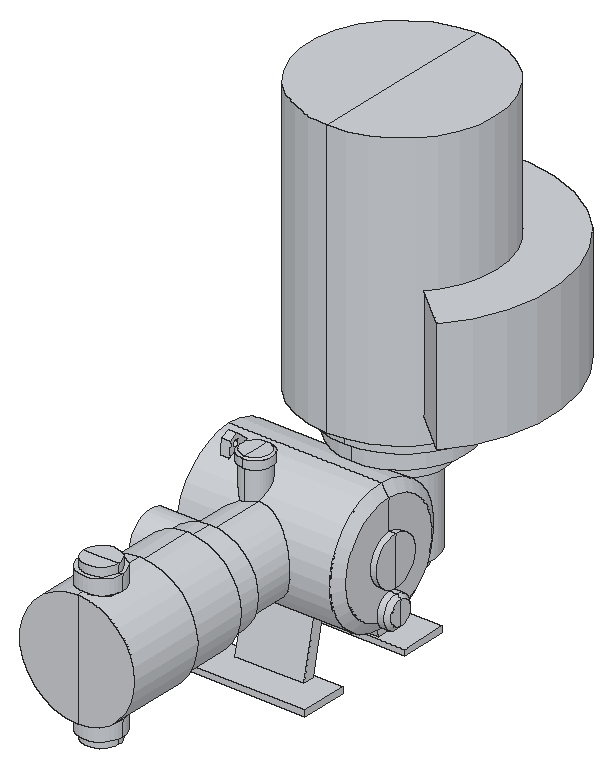
Revit family "Дозатор коагулянта, щелочи-Seko Spring", category Оборудование, Revit 2020
Family settings
  Размер круглого соединителя = Использовать диаметр
  Классификация = Нет
  Тип детали = Нормальный
  На основе рабочей плоскости = Нет
  Всегда вертикально = Да
  При загрузке вырезать с полостями = Нет
  Общий = Нет
  Точка расчета площади = Нет
Parameters
  Отметка по умолчанию = 0 mm
  ADSK_Позиция [instance] = ""
  Обозначение [instance] = ""
  ADSK_Наименование краткое [instance] = ""
  ADSK_Наименование [instance] = "Дозатор коагулянта, щелочи-Seko Spring (1)"
  Мтрл.Название [instance] = ""
  ADSK_Масса_Текст [instance] = ""
  ADSK_Марка [instance] = ""
  ADSK_Завод-изготовитель [instance] = ""
  ADSK_Единица измерения = "шт."
Reference planes
  plane 1 "По центру (Вперед/Назад)": y = 0
  plane 2: z = 0
  plane 3 "По центру (Влево/Вправо)": x = 0
Forms (mm)
  Revolve 1, solid
    sketch origin (0, 0, 0) x (0, 1, 0) y (0, 0, 1)
      loop
        line (0, 41.327) -> (11.729, 41.327) -> (11.729, 43.592) -> (13.832, 43.592) -> (13.832, 47.205) -> (16.636, 47.205) -> (16.636, 54.054) -> (18.146, 54.054) -> (18.146, 56.103) -> (23.862, 56.103) -> (23.862, 119.053) -> (31.474, 119.053) -> (31.474, 132.631) -> (46.474, 132.631) -> (46.474, 147.205) -> (53.552, 147.205) -> (53.552, 161.587) -> (69.556, 161.587) -> (69.556, 365.609) -> (0, 365.609) -> (0, 41.327)
      axis (0, 365.609) -> (0, 41.327)
    angle from 0 to 360
  Revolve 2, solid
    sketch origin (-35.603, 0, 0) x (0, 1, 0) y (0, 0, 1)
      loop
        line (-256.067, 80.724) -> (-50.613, 80.724) -> (-50.613, 111.912) -> (-130.96, 111.912) -> (-133.741, 116.539) -> (-154.327, 116.539) -> (-154.327, 120.382) -> (-198.494, 120.382) -> (-198.494, 123.402) -> (-256.067, 123.402) -> (-256.067, 80.724)
      axis (-256.067, 80.724) -> (-50.613, 80.724)
    angle from 0 to 360
  Revolve 3, solid
    sketch origin (0, -50.969, 0) x (1, 0, 0) y (0, 0, 1)
      loop
        line (-87.333, 81.336) -> (36.046, 81.336) -> (36.046, 99.153) -> (31.046, 99.153) -> (31.046, 121.303) -> (25.31, 129.495) -> (-87.333, 129.495) -> (-87.333, 81.336)
      axis (-87.333, 81.336) -> (36.046, 81.336)
    angle from 0 to 360
  Extrusion 4, solid
    sketch origin (0, 0, 0) x (0, 1, 0) y (0, 0, 1)
      loop
        line (12.565, 0) -> (12.565, 4.223) -> (-22.435, 4.223) -> (-22.435, 0) -> (12.565, 0)
      loop
        line (-114.502, 0) -> (-79.502, 0) -> (-79.502, 4.223) -> (-114.502, 4.223) -> (-114.502, 0)
    from -68.239 to 19.51
  Extrusion 5, solid
    sketch origin (0, 0, 0) x (0, 1, 0) y (0, 0, 1)
      loop
        line (-20, 4.223) -> (-11.683, 4.223) -> (-21.994, 45.576) -> (-28.871, 39.805) -> (-20, 4.223)
      loop
        line (-81.721, 4.223) -> (-72.529, 41.091) -> (-79.406, 46.862) -> (-90.037, 4.223) -> (-81.721, 4.223)
    from -51.731 to -1.238
  Extrusion 6, solid
    sketch origin (0, 0, 0) x (0, 1, 0) y (0, 0, 1)
      loop
        circle (-118.386, 80.606) r 20
    from -91.594 to -51.731
  Revolve 7, solid
    sketch origin (-35.488, 0, 0) x (0, 1, 0) y (0, 0, 1)
      loop
        line (96.975, 95.012) -> (96.975, 102.126) -> (95.369, 102.126) -> (95.369, 107.126) -> (94.01, 107.126) -> (94.01, 115.219) -> (39.01, 115.219) -> (39.01, 113.179) -> (29.01, 113.179) -> (23.593, 107.763) -> (17.828, 107.763) -> (17.828, 105.717) -> (13.419, 105.717) -> (13.419, 108.986) -> (6.394, 108.986) -> (6.394, 110.845) -> (-33.025, 110.845) -> (-33.025, 95.012) -> (96.975, 95.012)
      axis (-33.025, 95.012) -> (96.975, 95.012)
    angle from 0 to 360
  Extrusion 8, solid
    sketch origin (0, 0, 0) x (0, 1, 0) y (0, 0, 1)
      loop
        line (6.53, 76.241) -> (-4.731, 85.691) -> (-9.501, 61.15) -> (4.594, 66.28) -> (6.53, 76.241)
      loop
        line (-57.353, 128.148) -> (-67.053, 136.288) -> (-73.289, 133.379) -> (-74.939, 119.948) -> (-57.353, 128.148)
      loop
        line (-88.385, 55.45) -> (-89.565, 38.57) -> (-86.576, 35.581) -> (-68.597, 38.428) -> (-88.385, 55.45)
      loop
        circle (-84.14, 41.582) r 2.707
      loop
        circle (-0.041, 72.614) r 2.52
      loop
        circle (-68.548, 130.403) r 2.487
    from -74.97 to -68.638
  Revolve 9, solid
    sketch origin (-43.781, 0, 0) x (0, 1, 0) y (0, 0, 1)
      loop
        line (-80.922, 100.69) -> (-80.922, 140.69) -> (-91.505, 140.69) -> (-92.864, 139.33) -> (-92.864, 133.438) -> (-91.135, 133.438) -> (-91.135, 100.69) -> (-80.922, 100.69)
      axis (-80.922, 100.69) -> (-80.922, 140.69)
    angle from 0 to 360
  Revolve 10, solid
    sketch origin (0, -50.988, 0) x (1, 0, 0) y (0, 0, 1)
      loop
        line (31.046, 47.941) -> (39.581, 47.941) -> (39.581, 56.801) -> (36.628, 59.754) -> (31.046, 59.754) -> (31.046, 47.941)
      axis (31.046, 47.941) -> (39.581, 47.941)
    angle from 0 to 360
  Revolve 11, solid
    sketch origin (-38.793, 37.925, -0.193) x (1, 0, 0) y (0, 0, 1)
      loop
        line (38.699, 127.299) -> (43.11, 127.299) -> (43.11, 134.969) -> (38.699, 134.969) -> (38.699, 127.299)
      axis (38.699, 127.299) -> (38.699, 134.969)
    angle from 0 to 360
  Extrusion 12, solid
    sketch origin (0, 0, 0) x (1, 0, 0) y (0, 1, 0)
      loop
        line (-17.625, 108.579) -> (-11.145, 68.657)
        arc (-11.145, 68.657) -> (60.742, 33.888) -> (52.57, -45.546) r 69.556
        line (52.57, -45.546) -> (83.137, -72.029)
        arc (83.137, -72.029) -> (96.061, 53.593) -> (-17.625, 108.579) r 110
    from 180.666 to 264.05
  Revolve 13, solid
    sketch origin (0, 0, 223.658) x (1, 0, 0) y (0, 1, 0)
      loop
        line (-14.385, 88.618) -> (-16.131, 99.374) -> (-40.808, 95.369) -> (-39.863, 89.548) -> (-49.734, 87.945) -> (-48.933, 83.01) -> (-14.385, 88.618)
      axis (-14.385, 88.618) -> (-48.933, 83.01)
    angle from 0 to 360
  Revolve 14, solid
    sketch origin (0, -234.092, 0) x (1, 0, 0) y (0, 0, 1)
      loop
        line (-48.328, 120.112) -> (-48.328, 79.433) -> (-48.328, 38.754) -> (-51.43, 36.582) -> (-51.43, 25.429) -> (-48.328, 25.429) -> (-48.328, 19.433) -> (-35.432, 19.433) -> (-35.432, 139.433) -> (-48.328, 139.433) -> (-48.328, 133.438) -> (-51.43, 133.438) -> (-51.43, 122.284) -> (-48.328, 120.112)
      axis (-35.432, 19.433) -> (-35.432, 139.433)
    angle from 0 to 360
Dimensions and locks
  aligned and locked: level to plane 2
Connectors
  piping at (-35.432, -234.092, 139.433), diameter 10
    settings: on Revolve 14, index 1, connector inside diameter 609.6 mm, connector length 0 mm, flow factor 0, pipe flow 0.0 L/s, pressure drop 0.0 Pa, fitting loss kfactor 0, connector angle 0.00°, fixture units 0, engagement length 0 mm, angle of deflection 0.00°, flow configuration 0, flow direction 0, fitting loss method 0, system type 29, joint type 0, gender type 0, connector reference index -1, connector utility 0, adjustable connector no, is connector primary yes, connector description ""
  piping at (-35.432, -234.092, 19.433), diameter 10
    settings: on Revolve 14, index 2, connector inside diameter 609.6 mm, connector length 0 mm, flow factor 0, pipe flow 0.0 L/s, pressure drop 0.0 Pa, fitting loss kfactor 0, connector angle 0.00°, fixture units 0, engagement length 0 mm, angle of deflection 0.00°, flow configuration 0, flow direction 0, fitting loss method 0, system type 29, joint type 0, gender type 0, connector reference index -1, connector utility 0, adjustable connector no, is connector primary no, connector description ""
